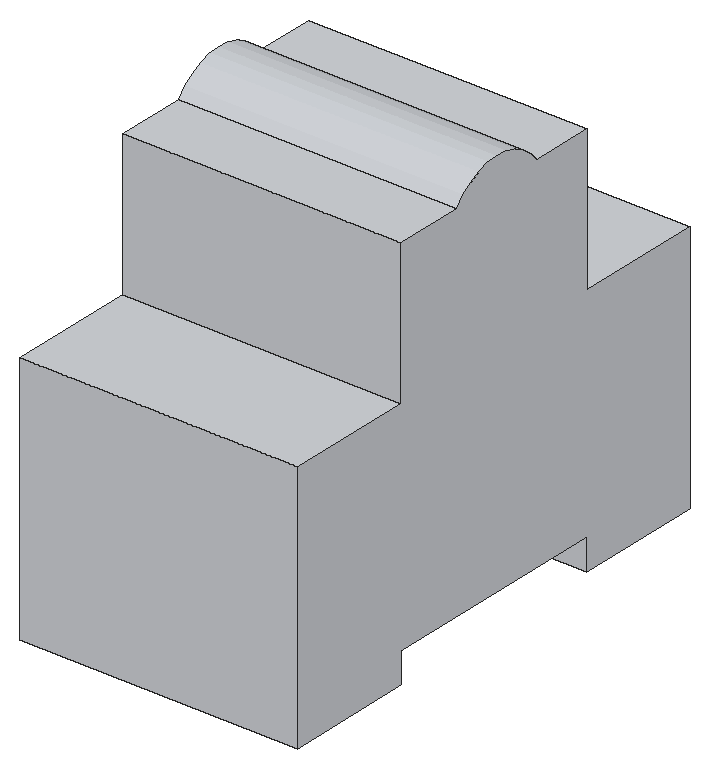
Revit family "Power-ModularDevices-GEWISS-90AM-SPD_TYPE2_DC", category Apparecchi elettrici, host Superficie, Revit 2016
Family settings
  Host = Superficie
  Mantenere orientamento annotazione = Sì
  Tipo di parte = Normale
  Quota connettore circolare = Usa diametro
  Numero OmniClass = 23.80.50.00
  Titolo OmniClass = Terminals for Power Supply
  Taglio con vuoti quando caricato = No
  Condiviso = No
  Punto di calcolo locali = Sì
Parameters (values of type "GWD6428 - LST - SPD 3P 40KA 1000V DC T2")
  potenza in watt = 1000 V
  carico = Altro
  Version file RFA = "18.0"
  URL = "https://www.gewiss.com/ww/en"
  Type: = "2 - For photovoltaic applications"
  Type = "2 - For photovoltaic applications"
  Technical sheet = "https://www.gewiss.com/ww/en/search?q=GWD6428"
  Spostamento_x = -340 mm
  SS [instance] = 69.967 mm
  SEO = "Limiter"
  Realized by GEWISS S.p.A. = ""
  Rated voltage DC = "1000V"
  Rated voltage = "1000Vdc"
  Default Elevation = 1219.2 mm
  Produttore = "GEWISS S.p.A."
  Numero di poli = 1
  Spost_x_eff [instance] = 4000 mm + Spostamento_x  # 3660 mm
  No. of modules EN 50022 = "3"
  No. Chorus modules = "3"
  Modello = "GWD6428"
  Maximum discharge current: = "40KA"
  Immagine tipo = GWD6426.jpg
  IFC.TypeObject = ""
  IFC.ExportType = ""
  IFC.ExportAs = ""
  IDT = "dce585a3-ae1f-4300-811f-7f20ca7b728c"
  IDF = "3aaded6a-a6ee-4751-8fd7-1d519c232e27"
  Electrocod = "0642"
  EAN code = "8011564775046"
  Descrizione = "LST - SPD 3P 40KA 1000V DC T2"
  Catalogue Range = "90 AM"
  Catalogue = "POWER"
  COBie.Tagnumber = ""
  COBie.CreatedOn = ""
  COBie.CreatebBy = ""
  COBie.ComponentRegisterItemID = ""
  COBie.Component.TagNumber = ""
  COBie.Component.Space = ""
  COBie.Component.SerialNumber = ""
  COBie.Component.InstallationDate = ""
  COBie.Component.Description = ""
  COBie.Component.BarCode = ""
  Barra_DIN [instance] = 0 mm
  Aux end-of-life contact = "No"
Types (3, lengths in mm): name | potenza in watt | URL | Technical sheet | Rated voltage DC | Rated voltage | Produttore | Modello | IDT | EAN code | Descrizione
  (no name) | 600 V | 0 | "" | "" | "" | "GEWISS" | "GWD6426" | "" | "" | "LST - SCARICATORE 3P 40kA 600V DC T2"
  GWD6428 - LST - SPD 3P 40KA 1000V DC T2 | 1000 V | "https://www.gewiss.com/ww/en" | "https://www.gewiss.com/ww/en/search?q=GWD6428" | "1000V" | "1000Vdc" | "GEWISS S.p.A." | "GWD6428" | "dce585a3-ae1f-4300-811f-7f20ca7b728c" | "8011564775046" | "LST - SPD 3P 40KA 1000V DC T2"
  GWD6426 - LST - SPD 3P 40KA 600V DC T2 | 600 V | "https://www.gewiss.com/ww/en" | "https://www.gewiss.com/ww/en/search?q=GWD6426" | "600V" | "600Vdc" | "GEWISS S.p.A." | "GWD6426" | "01072ccf-5945-437a-8fde-5ce79464c8c6" | "8011564775039" | "LST - SPD 3P 40KA 600V DC T2"
Values of the unnamed type that differ from the named types
  Version file RFA = ""
  Type: = ""
  Type = ""
  SEO = ""
  No. of modules EN 50022 = ""
  No. Chorus modules = ""
  Maximum discharge current: = ""
  IDF = ""
  Electrocod = ""
  Catalogue Range = ""
  Catalogue = ""
  Aux end-of-life contact = ""
Reference planes
  plane 1 "Centro (Fronte/Retro)": y = 0
  plane 2: z = 0
  plane 3 "Centro (Sinistra/Destra)": x = 0
  plane 4: z = 0
Dimensions and locks
  "Barra_DIN": host face to plane 4
  aligned and locked: plane 2 to host face
  aligned and locked: level to host face
  aligned and locked: plane 3 "Centro (Sinistra/Destra)" to nested 1
  aligned and locked: plane 1 "Centro (Fronte/Retro)" to nested 1
Automatic sketch dimensions
  host sketch curve to host sketch curve = 6519.2 mm
  host sketch curve to host sketch curve = 4328.142 mm
Nested families
  nested 1: "GENERICO -90AM SCARICATORI LST TIPO 2 X FOTOVOLT" at (0, 0, 7), type "GENERICO -90AM SCARICATORI LST TIPO 2 X FOTOVOLT"
  nested 2: "SCAR" at (0, 64.967, 0), type "SCAR"
Connectors
  electrical at (0, 47.5, 25.5), driven by "potenza in watt"
    settings: on nested 1, index 1, voltage 1000 V, apparent load 0 VA, apparent load phase1 0 VA, apparent load phase2 0 VA, apparent load phase3 0 VA, power factor 1, load classification "Altro", number of poles 1, system type 31, power factor state 1, is connector primary yes, connector utility no, sub classification motor no, connector description ""
Definition of nested family "GENERICO -90AM SCARICATORI LST TIPO 2 X FOTOVOLT"
  Parameters (values of type "GENERICO -90AM SCARICATORI LST TIPO 2 X FOTOVOLT")
    h_barra din = if(Altezza barre = 1 mm, 69.9 mm, if(Altezza barre = 2 mm, 115.8 mm, 0 mm))  # 0 mm
    Default Elevation = 1219.2 mm
    H = if(AB_O = 1, AB_V, if(AB_O = 2, AB_H, 50.8 mm))  # 50.8 mm
    Dist barra din = 0 mm  # constant formula
    C1 = 49 mm  # constant formula
    C = 70 mm  # constant formula
    B = 95 mm  # constant formula
    Altezza barre = 5 mm  # constant formula
    AB_V = 3 mm  # constant formula
    AB_H = 5 mm  # constant formula
    AB_O = 0  # constant formula
    A = 54 mm  # constant formula
  Reference planes
    plane 1 "Centro (Fronte/Retro)": y = 0
    plane 2: z = 0
    plane 3 "Centro (Sinistra/Destra)": x = 0
    plane 4: y = -47.5
    plane 5: y = 47.5
    plane 6: z = 0
    plane 7: z = -6
    plane 8 "top": z = 70
    plane 9 "incasso": z = 43
    plane 10: y = -22.5
    plane 11: y = 22.5
    plane 12: x = -27
    plane 13: x = 27
    plane 14: through (4267.2, -42.5, 9) normal (0, -0.1901, 0.9818)
    plane 15 "POSIZIONE": z = 71
    plane 16: y = 10.353
    plane 17: y = -8.889
    plane 18: through (-18, -1524, 18.5) normal (-0.891, 0, -0.454)
    plane 19: through (-36.892, 84.001, 1200) normal (0.9205, -0.3907, 0)
    plane 20: through (63.319, -123.627, 1200) normal (-0.9925, 0.1219, 0)
  Forms (mm)
    Extrusion 1, solid
      sketch origin (0, 0, 0) x (0, 1, 0) y (0, 0, 1)
        loop
          line (-22.5, 0) -> (22.5, 0) -> (22.5, -6) -> (47.5, -6) -> (47.5, 43) -> (22.5, 43) -> (22.5, 71) -> (10.353, 71)
          arc (10.353, 71) -> (0.732, 76.023) -> (-8.889, 71) r 11.726
          line (-8.889, 71) -> (-22.5, 71) -> (-22.5, 43) -> (-47.5, 43) -> (-47.5, -6) -> (-22.5, -6) -> (-22.5, 0)
      from -27 to 27
  Lines and regions (mm)
    symbolic lines
      curve 1: line (0, 0, 15) -> (0, 0, -6)
      curve 2: line (0, -22.5, 0) -> (0, 22.5, 0)
    model lines, detail levels medium+fine
      curve 3: circle (18.419, 35.762, 43) r 3.324 normal (0, 0, 1)
      curve 4: circle (0.25, -34.382, 43) r 3.197 normal (0, 0, 1)
      curve 90: line (5.468, 14.237, 71) -> (5.468, 18.61, 71)
      curve 91: line (5.468, 18.61, 71) -> (-4.716, 18.61, 71)
      curve 92: line (-4.716, 18.61, 71) -> (-4.716, 14.237, 71)
      curve 93: line (-4.716, 14.237, 71) -> (5.468, 14.237, 71)
      curve 98: circle (-18.209, 35.762, 43) r 3.324 normal (0, 0, 1)
      curve 101: circle (0.291, 35.762, 43) r 3.324 normal (0, 0, 1)
      curve 104: circle (18.419, -34.238, 43) r 3.324 normal (0, 0, 1)
      curve 105: circle (-18.209, -34.238, 43) r 3.324 normal (0, 0, 1)
      curve 106: line (-12.283, 14.237, 71) -> (-12.283, 18.61, 71)
      curve 107: line (-12.283, 18.61, 71) -> (-22.467, 18.61, 71)
      curve 108: line (-22.467, 18.61, 71) -> (-22.467, 14.237, 71)
      curve 109: line (-22.467, 14.237, 71) -> (-12.283, 14.237, 71)
      curve 110: line (23.179, 14.237, 71) -> (23.179, 18.61, 71)
      curve 111: line (23.179, 18.61, 71) -> (12.995, 18.61, 71)
      curve 112: line (12.995, 18.61, 71) -> (12.995, 14.237, 71)
      curve 113: line (12.995, 14.237, 71) -> (23.179, 14.237, 71)
    model lines, detail levels fine
      curve 5: line (-24.163, -19.942, 71) -> (-24.163, -21.523, 71)
      curve 6: line (-24.163, -21.523, 71) -> (-24.693, -21.523, 71)
      curve 7: line (-24.693, -21.523, 71) -> (-25, -21.485, 71)
      curve 8: line (-25, -21.485, 71) -> (-25.376, -21.318, 71)
      curve 9: line (-25.376, -21.318, 71) -> (-25.674, -21.041, 71)
      curve 10: line (-25.674, -21.041, 71) -> (-25.872, -20.668, 71)
      curve 11: line (-25.872, -20.668, 71) -> (-25.933, -20.27, 71)
      curve 12: line (-25.933, -20.27, 71) -> (-25.874, -19.904, 71)
      curve 13: line (-25.874, -19.904, 71) -> (-25.715, -19.58, 71)
      curve 14: line (-25.715, -19.58, 71) -> (-25.43, -19.285, 71)
      curve 15: line (-25.43, -19.285, 71) -> (-25.086, -19.106, 71)
      curve 16: line (-25.086, -19.106, 71) -> (-24.698, -19.042, 71)
      curve 17: line (-24.698, -19.042, 71) -> (-24.163, -19.042, 71)
      curve 18: line (-24.163, -19.042, 71) -> (-24.163, -19.724, 71)
      curve 19: line (-24.163, -19.724, 71) -> (-25.063, -19.724, 71)
      curve 20: line (-25.063, -19.724, 71) -> (-25.063, -20.842, 71)
      curve 21: line (-25.063, -20.842, 71) -> (-24.844, -20.842, 71)
      curve 22: line (-24.844, -20.842, 71) -> (-24.844, -19.942, 71)
      curve 23: line (-24.844, -19.942, 71) -> (-24.163, -19.942, 71)
      curve 24: line (-22.023, -21.523, 71) -> (-23.945, -21.523, 71)
      curve 25: line (-23.945, -21.523, 71) -> (-23.945, -19.042, 71)
      curve 26: line (-23.945, -19.042, 71) -> (-22.923, -19.042, 71)
      curve 27: line (-22.923, -19.042, 71) -> (-22.923, -19.724, 71)
      curve 28: line (-22.923, -19.724, 71) -> (-23.264, -19.724, 71)
      curve 29: line (-23.264, -19.724, 71) -> (-23.264, -19.942, 71)
      curve 30: line (-23.264, -19.942, 71) -> (-22.023, -19.942, 71)
      curve 31: line (-22.023, -19.942, 71) -> (-22.023, -20.624, 71)
      curve 32: line (-22.023, -20.624, 71) -> (-23.263, -20.624, 71)
      curve 33: line (-23.263, -20.624, 71) -> (-23.263, -20.842, 71)
      curve 34: line (-23.263, -20.842, 71) -> (-22.023, -20.842, 71)
      curve 35: line (-22.023, -20.842, 71) -> (-22.023, -21.523, 71)
      curve 36: line (-18.547, -21.523, 71) -> (-18.547, -19.942, 71)
      curve 37: line (-18.547, -19.942, 71) -> (-19.229, -19.942, 71)
      curve 38: line (-19.229, -19.942, 71) -> (-19.229, -21.523, 71)
      curve 39: line (-19.229, -21.523, 71) -> (-18.547, -21.523, 71)
      curve 40: line (-20.83, -21.523, 71) -> (-20.626, -20.501, 71)
      curve 41: line (-20.626, -20.501, 71) -> (-20.421, -21.523, 71)
      curve 42: line (-20.421, -21.523, 71) -> (-19.74, -21.523, 71)
      curve 43: line (-19.74, -21.523, 71) -> (-19.317, -19.724, 71)
      curve 44: line (-19.317, -19.724, 71) -> (-18.547, -19.724, 71)
      curve 45: line (-18.547, -19.724, 71) -> (-18.547, -19.042, 71)
      curve 46: line (-18.547, -19.042, 71) -> (-19.856, -19.042, 71)
      curve 47: line (-19.856, -19.042, 71) -> (-20.101, -20.092, 71)
      curve 48: line (-20.101, -20.092, 71) -> (-20.271, -19.042, 71)
      curve 49: line (-20.271, -19.042, 71) -> (-20.98, -19.042, 71)
      curve 50: line (-20.98, -19.042, 71) -> (-21.151, -20.092, 71)
      curve 51: line (-21.151, -20.092, 71) -> (-21.396, -19.042, 71)
      curve 52: line (-21.396, -19.042, 71) -> (-22.705, -19.042, 71)
      curve 53: line (-22.705, -19.042, 71) -> (-22.705, -19.724, 71)
      curve 54: line (-22.705, -19.724, 71) -> (-21.934, -19.724, 71)
      curve 55: line (-21.934, -19.724, 71) -> (-21.513, -21.523, 71)
      curve 56: line (-21.513, -21.523, 71) -> (-20.83, -21.523, 71)
      curve 57: line (-16.407, -19.042, 71) -> (-18.329, -19.042, 71)
      curve 58: line (-18.329, -19.042, 71) -> (-18.329, -20.624, 71)
      curve 59: line (-18.329, -20.624, 71) -> (-17.088, -20.624, 71)
      curve 60: line (-17.088, -20.624, 71) -> (-17.088, -20.842, 71)
      curve 61: line (-17.088, -20.842, 71) -> (-18.329, -20.842, 71)
      curve 62: line (-18.329, -20.842, 71) -> (-18.329, -21.523, 71)
      curve 63: line (-18.329, -21.523, 71) -> (-16.407, -21.523, 71)
      curve 64: line (-16.407, -21.523, 71) -> (-16.407, -19.942, 71)
      curve 65: line (-16.407, -19.942, 71) -> (-17.647, -19.942, 71)
      curve 66: line (-17.647, -19.942, 71) -> (-17.647, -19.724, 71)
      curve 67: line (-17.647, -19.724, 71) -> (-16.407, -19.724, 71)
      curve 68: line (-16.407, -19.724, 71) -> (-16.407, -19.042, 71)
      curve 69: line (-16.189, -19.042, 71) -> (-16.189, -20.624, 71)
      curve 70: line (-16.189, -20.624, 71) -> (-15.032, -20.624, 71)
      curve 71: line (-15.032, -20.624, 71) -> (-15.032, -20.842, 71)
      curve 72: line (-15.032, -20.842, 71) -> (-16.189, -20.842, 71)
      curve 73: line (-16.189, -20.842, 71) -> (-16.189, -21.523, 71)
      curve 74: line (-16.189, -21.523, 71) -> (-15.507, -21.523, 71)
      curve 75: line (-15.507, -21.523, 71) -> (-15.113, -21.397, 71)
      curve 76: line (-15.113, -21.397, 71) -> (-14.859, -21.231, 71)
      curve 77: line (-14.859, -21.231, 71) -> (-14.569, -20.874, 71)
      curve 78: line (-14.569, -20.874, 71) -> (-14.433, -20.474, 71)
      curve 79: line (-14.433, -20.474, 71) -> (-14.429, -20.119, 71)
      curve 80: line (-14.429, -20.119, 71) -> (-14.466, -19.942, 71)
      curve 81: line (-14.466, -19.942, 71) -> (-15.507, -19.942, 71)
      curve 82: line (-15.507, -19.942, 71) -> (-15.507, -19.724, 71)
      curve 83: line (-15.507, -19.724, 71) -> (-14.559, -19.724, 71)
      curve 84: line (-14.559, -19.724, 71) -> (-14.682, -19.518, 71)
      curve 85: line (-14.682, -19.518, 71) -> (-14.86, -19.334, 71)
      curve 86: line (-14.86, -19.334, 71) -> (-15.106, -19.172, 71)
      curve 87: line (-15.106, -19.172, 71) -> (-15.364, -19.078, 71)
      curve 88: line (-15.364, -19.078, 71) -> (-15.654, -19.042, 71)
      curve 89: line (-15.654, -19.042, 71) -> (-16.189, -19.042, 71)
    model lines, not visible, detail levels medium+fine
      curve 94: line (5.092, 14.237, 71) -> (5.092, 18.61, 71)
      curve 95: line (5.092, 18.61, 71) -> (-5.092, 18.61, 71)
      curve 96: line (-5.092, 18.61, 71) -> (-5.092, 14.237, 71)
      curve 97: line (-5.092, 14.237, 71) -> (5.092, 14.237, 71)
    model lines
      curve 99: line (-9, 47.5, 43) -> (-9, 22.5, 43)
      curve 100: line (9, 47.5, 43) -> (9, 22.5, 43)
      curve 102: line (-9, -22.5, 43) -> (-9, -47.5, 43)
      curve 103: line (9, -22.5, 43) -> (9, -47.5, 43)
      curve 114: line (-9, 22.5, 71) -> (-9, 10.353, 71)
      curve 115: line (9, 22.5, 71) -> (9, 10.353, 71)
      curve 116: line (-9, -8.889, 71) -> (-9, -22.5, 71)
      curve 117: line (9, -8.889, 71) -> (9, -22.5, 71)
  Text (mm)
    text "AB_V" at (0, 50.868, 44.72), in view "Destra"
    text "AB_O" at (0, -80.659, 111.963), in view "Destra"
    text "AB_O" at (-90.351, 0, 31.414), in view "Anteriore"
    text "AB_V=0" at (25.467, -49.469, 0), in view "Livello rif."
  Dimensions and locks
    equal spacing: plane 4, plane 1 "Centro (Fronte/Retro)", plane 5
    "B": plane 4 to plane 5
    "Dist barra din": plane 6 to level
    locked: plane 6 to plane 7 at 6
    "C": plane 8 "top" to plane 6
    equal spacing: plane 10, plane 1 "Centro (Fronte/Retro)", plane 11
    plane 10 to plane 11 = 45 mm
    equal spacing: plane 12, plane 3 "Centro (Sinistra/Destra)", plane 13
    "A": plane 12 to plane 13
    "C1": plane 9 "incasso" to plane 7
    locked: plane 15 "POSIZIONE" to plane 9 "incasso" at 28
    plane 12 to plane 13 = 54 mm
    angle level to plane 14 = 10.9557°
    angle plane 4 to plane 8 "top" = 90.00°
    angle plane 15 "POSIZIONE" to plane 13 = 90.00°
    angle plane 7 to plane 18 = 117.00°
    angle plane 19 to plane 20 = 16.00°
    angle plane 20 to plane 13 = 7.00°
    aligned and locked: level to plane 2
    aligned and locked: Extrusion 1 sketch curve to plane 6
    aligned and locked: Extrusion 1 sketch curve to plane 7
    aligned and locked: Extrusion 1 sketch curve to plane 4
    aligned and locked: Extrusion 1 sketch curve to plane 9 "incasso"  (x2)
    aligned and locked: Extrusion 1 sketch curve to plane 11  (x2)
    aligned and locked: Extrusion 1 sketch curve to plane 5
    aligned and locked: Extrusion 1 sketch curve to plane 10  (x2)
    aligned and locked: plane 1 "Centro (Fronte/Retro)" to curve 1
    aligned and locked: Extrusion 1 to plane 6
    aligned and locked: Extrusion 1 to plane 12
    aligned and locked: plane 13 to Extrusion 1
    aligned and locked: plane 15 "POSIZIONE" to Extrusion 1 sketch curve
    aligned and locked: Extrusion 1 sketch curve to plane 15 "POSIZIONE"
    aligned and locked: plane 17 to Extrusion 1 sketch curve
    aligned and locked: plane 16 to Extrusion 1 sketch curve
  Automatic sketch dimensions
    Extrusion 1 sketch curve to plane 7 = 0 mm
    plane 15 "POSIZIONE" to Extrusion 1 sketch curve = 6.703 mm
    curve 2 to level = 0 mm
    curve 2 to plane 10 = 0 mm
    curve 2 to plane 11 = 0 mm
    curve 1 to plane 7 = 0 mm
    level to curve 1 = 15 mm
    curve 99 to plane 5 = 0 mm
    curve 100 to plane 5 = 0 mm
    curve 99 to plane 11 = 0 mm
    curve 100 to plane 11 = 0 mm
    curve 103 to plane 10 = 0 mm
    curve 102 to plane 10 = 0 mm
    curve 103 to plane 4 = 0 mm
    curve 102 to plane 4 = 0 mm
    curve 101 to plane 5 = 11.738 mm
    curve 3 to plane 5 = 11.738 mm
    curve 98 to plane 5 = 11.738 mm
    curve 105 to plane 10 = 11.738 mm
    curve 104 to plane 10 = 11.738 mm
    curve 4 to plane 10 = 11.882 mm
    plane 12 to curve 105 = 8.791 mm
    plane 3 "Centro (Sinistra/Destra)" to curve 4 = 0.25 mm
    curve 3 to plane 13 = 8.581 mm
    curve 104 to plane 13 = 8.581 mm
    plane 3 "Centro (Sinistra/Destra)" to curve 101 = 0.291 mm
    plane 12 to curve 98 = 8.791 mm
    plane 3 "Centro (Sinistra/Destra)" to curve 100 = 9 mm
    plane 3 "Centro (Sinistra/Destra)" to curve 103 = 9 mm
    curve 102 to plane 3 "Centro (Sinistra/Destra)" = 9 mm
    curve 114 to plane 11 = 0 mm
    plane 16 to curve 114 = 0 mm
    plane 17 to curve 116 = 0 mm
    curve 116 to plane 10 = 0 mm
    curve 117 to plane 10 = 0 mm
    plane 16 to curve 115 = 0 mm
    curve 115 to plane 11 = 0 mm
    plane 17 to curve 117 = 0 mm
    plane 12 to curve 12 = 1.067 mm
    curve 11 to curve 12 = 0.059 mm
    curve 11 to curve 11 = 0.061 mm
    curve 12 to curve 14 = 0.159 mm
    curve 10 to curve 9 = 0.198 mm
    curve 13 to curve 15 = 0.285 mm
    curve 9 to curve 8 = 0.298 mm
    curve 14 to curve 16 = 0.345 mm
    curve 14 to curve 19 = 0.367 mm
    curve 8 to curve 7 = 0.376 mm
    curve 20 to curve 21 = 0.219 mm
    curve 15 to curve 17 = 0.388 mm
    plane 10 to curve 7 = 0.977 mm
    curve 7 to curve 7 = 0.307 mm
    curve 16 to curve 18 = 0.535 mm
    curve 6 to curve 6 = 0.53 mm
    curve 5 to curve 24 = 0.218 mm
    curve 18 to curve 29 = 0.899 mm
    curve 29 to curve 34 = 0.001 mm
    curve 28 to curve 27 = 0.341 mm
    curve 27 to curve 54 = 0.218 mm
    curve 53 to curve 30 = 0.681 mm
    curve 31 to curve 35 = 0 mm
    curve 30 to curve 55 = 0.089 mm
    curve 24 to curve 56 = 0.51 mm
    curve 54 to curve 51 = 0.538 mm
    plane 10 to curve 50 = 2.408 mm
    curve 54 to curve 50 = 0.784 mm
    curve 51 to curve 50 = 0.416 mm
    plane 10 to curve 40 = 0.977 mm
    curve 55 to curve 40 = 0.682 mm
    plane 10 to curve 41 = 1.999 mm
    curve 50 to curve 41 = 0.525 mm
    plane 10 to curve 41 = 0.977 mm
    curve 40 to curve 41 = 0.409 mm
    curve 49 to curve 48 = 0.709 mm
    plane 10 to curve 47 = 2.408 mm
    curve 40 to curve 47 = 0.525 mm
    plane 10 to curve 47 = 3.458 mm
    curve 48 to curve 47 = 0.416 mm
    curve 41 to curve 42 = 0.682 mm
    plane 10 to curve 43 = 2.776 mm
    curve 47 to curve 43 = 0.784 mm
    curve 43 to curve 37 = 0.089 mm
    curve 38 to curve 39 = 0.682 mm
    curve 44 to curve 36 = 0 mm
    curve 36 to curve 63 = 0.218 mm
    curve 45 to curve 57 = 0.218 mm
    curve 36 to curve 65 = 0.9 mm
    curve 65 to curve 59 = 0.559 mm
    curve 59 to curve 64 = 0.682 mm
    curve 57 to curve 64 = 0 mm
    curve 57 to curve 69 = 0.218 mm
    curve 63 to curve 74 = 0.218 mm
    curve 69 to curve 89 = 0.535 mm
    curve 73 to curve 74 = 0.682 mm
    curve 88 to curve 82 = 0.147 mm
    plane 10 to curve 88 = 3.422 mm
    curve 88 to curve 88 = 0.29 mm
    plane 10 to curve 75 = 1.103 mm
    curve 74 to curve 75 = 0.394 mm
    plane 10 to curve 86 = 3.328 mm
    curve 87 to curve 86 = 0.258 mm
    curve 75 to curve 70 = 0.081 mm
    plane 10 to curve 86 = 3.166 mm
    curve 86 to curve 86 = 0.247 mm
    plane 10 to curve 77 = 1.269 mm
    curve 75 to curve 77 = 0.254 mm
    plane 10 to curve 85 = 2.982 mm
    curve 85 to curve 85 = 0.177 mm
    plane 10 to curve 78 = 1.626 mm
    curve 76 to curve 78 = 0.291 mm
    curve 84 to curve 83 = 0.123 mm
    plane 10 to curve 80 = 2.558 mm
    curve 83 to curve 80 = 0.093 mm
    plane 10 to curve 79 = 2.026 mm
    curve 77 to curve 79 = 0.135 mm
    plane 10 to curve 79 = 2.381 mm
    curve 80 to curve 79 = 0.037 mm
    plane 10 to curve 63 = 0.977 mm
    curve 42 to curve 38 = 0 mm
    curve 63 to curve 73 = 0 mm
    curve 25 to curve 5 = 0 mm
    curve 6 to curve 7 = 0.039 mm
    curve 7 to curve 9 = 0.166 mm
    curve 8 to curve 9 = 0.277 mm
    curve 7 to curve 21 = 0.643 mm
    curve 62 to curve 62 = 0.682 mm
    curve 73 to curve 72 = 0.682 mm
    curve 24 to curve 35 = 0.682 mm
    curve 9 to curve 10 = 0.373 mm
    curve 34 to curve 31 = 0.218 mm
    curve 71 to curve 70 = 0.218 mm
    curve 61 to curve 58 = 0.218 mm
    curve 10 to curve 11 = 0.398 mm
    curve 21 to curve 22 = 0.9 mm
    curve 38 to curve 43 = 0.218 mm
    curve 59 to curve 66 = 0.682 mm
    curve 32 to curve 30 = 0.682 mm
    curve 11 to curve 13 = 0.367 mm
    curve 22 to curve 20 = 0.218 mm
    curve 30 to curve 55 = 0.218 mm
    curve 81 to curve 82 = 0.218 mm
    curve 65 to curve 66 = 0.218 mm
    curve 53 to curve 28 = 0 mm
    curve 12 to curve 14 = 0.323 mm
    curve 13 to curve 15 = 0.295 mm
    curve 14 to curve 15 = 0.179 mm
    curve 15 to curve 16 = 0.064 mm
    curve 45 to curve 58 = 0 mm
    curve 53 to curve 53 = 0.682 mm
    curve 57 to curve 69 = 0 mm
    curve 17 to curve 25 = 0 mm
    curve 48 to curve 46 = 0 mm
    curve 114 to plane 3 "Centro (Sinistra/Destra)" = 9 mm
    curve 116 to plane 3 "Centro (Sinistra/Destra)" = 9 mm
    plane 3 "Centro (Sinistra/Destra)" to curve 117 = 9 mm
    plane 3 "Centro (Sinistra/Destra)" to curve 115 = 9 mm
    curve 99 to plane 3 "Centro (Sinistra/Destra)" = 9 mm
    curve 111 to curve 111 = 10.184 mm
    curve 112 to curve 112 = 4.373 mm
    curve 91 to curve 91 = 10.184 mm
    curve 92 to curve 92 = 4.373 mm
    curve 95 to curve 95 = 10.184 mm
    curve 96 to curve 96 = 4.373 mm
    curve 107 to curve 107 = 10.184 mm
    curve 108 to curve 108 = 4.373 mm
    radius of curve 3 = 3.324 mm
    radius of curve 4 = 3.197 mm
    radius of curve 98 = 3.324 mm
    radius of curve 101 = 3.324 mm
    radius of curve 104 = 3.324 mm
    radius of curve 105 = 3.324 mm
Definition of nested family "SCAR"
  Reference planes
    plane 1: y = 0
    plane 2: x = 0
  Lines and regions (mm)
    detail lines
      curve 1: line (0, 0, 0) -> (-0.001, 3.334, 0)
      curve 2: line (0.277, 3.334, 0) -> (-0.278, 3.334, 0)
      curve 3: line (-0.278, 3.334, 0) -> (-0.001, 4.223, 0)
      curve 4: line (-0.001, 4.223, 0) -> (0.277, 3.334, 0)
      curve 5: line (0.277, 3.334, 0) -> (-0.001, 4.223, 0)
      curve 6: line (-0.001, 4.223, 0) -> (-0.278, 3.334, 0)
      curve 7: line (-0.278, 3.334, 0) -> (0.277, 3.334, 0)
      curve 8: line (0.277, 3.334, 0) -> (-0.001, 4.223, 0)
      curve 9: line (-0.001, 4.223, 0) -> (-0.278, 3.334, 0)
      curve 10: line (-0.445, 4.612, 0) -> (0.444, 4.612, 0)
      curve 11: line (0.444, 4.612, 0) -> (0.444, 2.39, 0)
      curve 12: line (0.444, 2.39, 0) -> (-0.445, 2.389, 0)
      curve 13: line (-0.445, 2.389, 0) -> (-0.445, 4.612, 0)
    detail lines, not visible
      curve 14: line (0, 0, 0) -> (-0.001, 3.334, 0)
      curve 15: line (0.277, 3.334, 0) -> (-0.278, 3.334, 0)
      curve 16: line (-0.278, 3.334, 0) -> (-0.001, 4.223, 0)
      curve 17: line (-0.001, 4.223, 0) -> (0.277, 3.334, 0)
      curve 18: line (0.277, 3.334, 0) -> (-0.001, 4.223, 0)
      curve 19: line (-0.001, 4.223, 0) -> (-0.278, 3.334, 0)
      curve 20: line (-0.278, 3.334, 0) -> (0.277, 3.334, 0)
      curve 21: line (0.277, 3.334, 0) -> (-0.001, 4.223, 0)
      curve 22: line (-0.001, 4.223, 0) -> (-0.278, 3.334, 0)
      curve 23: line (-0.445, 4.612, 0) -> (0.444, 4.612, 0)
      curve 24: line (0.444, 4.612, 0) -> (0.444, 2.39, 0)
      curve 25: line (0.444, 2.39, 0) -> (-0.445, 2.389, 0)
      curve 26: line (-0.445, 2.389, 0) -> (-0.445, 4.612, 0)
  Dimensions and locks
    aligned and locked: plane 1 to curve 1
